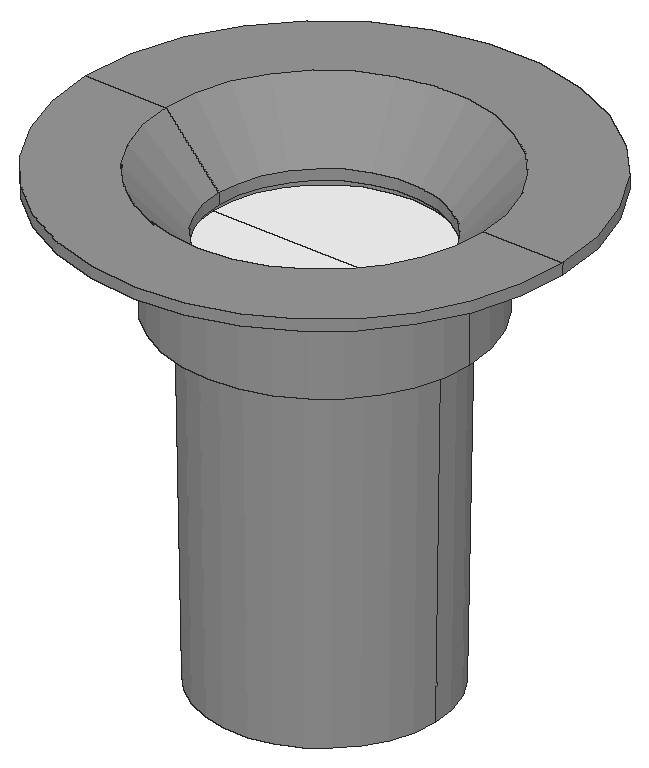
Revit family "0005307", category Lighting Fixtures, host Face, Revit 2017
Family settings
  Host = Face
  Round Connector Dimension = Use Diameter
  Part Type = Normal
  OmniClass Number = 23.80.70.00
  OmniClass Title = Lighting
  Cut with Voids When Loaded = No
  Light Source = No
  Shared = No
  Room Calculation Point = No
Parameters (values of type "0005307+0005301 Ludospot 50 Hous Rnd 90 Fixed IP44 WHT + Ludospot 50 950lm 930 NB DIM")
  Weight = "n/a"
  Wattage Comments = ""
  WarrantyStartDate [instance] = "n/a"
  WarrantyGuarantorParts = "n/a"
  WarrantyDurationUnit = "n/a"
  WarrantyDurationParts = "n/a"
  WarrantyDescription = "n/a"
  WallThickness_SYL = 2 mm
  Voltage = 0 V
  VerticalRotationMid_SYL [instance] = 112.00°
  URL = "http://www.sylvania-lighting.com"
  TypeName = "Ludospot 50 Hous Rnd 90 Fixed IP44 WHT + Ludospot 50 950lm 930 NB DIM"
  TypeLamp_SYL = Ludospot 50 Modules : 0005301 Ludospot 50 950lm 930 NB DIM
  Type Image = <None>
  Type Comments = "n/a"
  TrimWidth_SYL = 90 mm
  TrimHeight_SYL = 2 mm
  SerialNumber [instance] = "n/a"
  RecessWidth_SYL = 35 mm
  RecessDepth_SYL = 100 mm
  Material_3_SYL = none
  PowerFactor = 0.9
  PowerConsumption = "12 W"
  NominalLength = 90 mm
  NominalHeight = 0 mm
  NominalDepth = 90 mm
  Name = "Ludospot 50 Hous Rnd 90 Fixed IP44 WHT + Ludospot 50 950lm 930 NB DIM"
  ModelReference = Name  # "Ludospot 50 Hous Rnd 90 Fixed IP44 WHT + Ludospot 50 950lm 930 NB DIM"
  ModelNumber = "0005307+0005301"
  Model = Name  # "Ludospot 50 Hous Rnd 90 Fixed IP44 WHT + Ludospot 50 950lm 930 NB DIM"
  Material = "aluminium housing"
  ManufacturerName = "Feilo Sylvania"
  Manufacturer = "Feilo Sylvania"
  LuminousEfficacy = "80 lm/W"
  LuminaireType = ""
  LightOutputRatio = "n/a"
  LampsType = Lamp  # "LED"
  LampNominalLuminous = "950 lm"
  LampMacAdamStep = "3"
  LampColourTemperature = "3000 K"
  LampColourRenderingIndex = "90"
  Lamp = "LED"
  Keynote = "16500"
  InstallationDate [instance] = "n/a"
  InputVoltage = "220-240 V AC"
  InputNominalFrequency = "50/60 HZ"
  IngressProtection = "IP44/20"
  ImpactProtectionIndex = "IK03"
  IfcExportType = "IfcLightFixtureType"
  IfcExportAs = "IfcLightFixtureType"
  HorizontalRotationMid_SYL [instance] = 315.00°
  HoleDist_SYL = 220 mm
  EndAngleMid_SYL [instance] = HorizontalRotationMid_SYL + 180.00°  # 495.00°
  ElectricShockClassification = "Class II"
  DocumentationLiterature = "http://www.sylvania-lighting.com/product/en-int/products/0005307"
  DimmingControlOptions = "n/a"
  Material_2_SYL = none
  Description = ""
  Default Elevation = 1219.2 mm
  CreatedOn = "7/29/2019"
  CreatedBy = "@sylvania-lighting.com"
  Cost = 0
  built-in parameter 1114216 [instance] = (empty or 0)
  ClassificationValue = "EF_70_80"
  ClassificationName = "Uniclass2015"
  Material_1_SYL = PC/ABS Plastic
  CircularCutOutDia_SYL = 38.5 mm
  BarCode [instance] = "n/a"
  AssetType = "Fixed"
  AssetIdentifier [instance] = "n/a"
  Assembly Code = "D5020200"
  Apparent Load = 0 VA
  Material_4_SYL = none
Types (6, lengths in mm): name | TypeName | TypeLamp_SYL | Name | ModelReference | ModelNumber | Model | LuminousEfficacy | LampNominalLuminous | LampColourTemperature
  0005307+0005301 Ludospot 50 Hous Rnd 90 Fixed IP44 WHT + Ludospot 50 950lm 930 NB DIM | "Ludospot 50 Hous Rnd 90 Fixed IP44 WHT + Ludospot 50 950lm 930 NB DIM" | Ludospot 50 Modules : 0005301 Ludospot 50 950lm 930 NB DIM | "Ludospot 50 Hous Rnd 90 Fixed IP44 WHT + Ludospot 50 950lm 930 NB DIM" | "Ludospot 50 Hous Rnd 90 Fixed IP44 WHT + Ludospot 50 950lm 930 NB DIM" | "0005307+0005301" | "Ludospot 50 Hous Rnd 90 Fixed IP44 WHT + Ludospot 50 950lm 930 NB DIM" | "80 lm/W" | "950 lm" | "3000 K"
  0005307+0005302 Ludospot 50 Hous Rnd 90 Fixed IP44 WHT + Ludospot 50 990lm 940 NB DIM | "Ludospot 50 Hous Rnd 90 Fixed IP44 WHT + Ludospot 50 990lm 940 NB DIM" | Ludospot 50 Modules : 0005302 Ludospot 50 990lm 930 NB DIM | "Ludospot 50 Hous Rnd 90 Fixed IP44 WHT + Ludospot 50 990lm 940 NB DIM" | "Ludospot 50 Hous Rnd 90 Fixed IP44 WHT + Ludospot 50 990lm 940 NB DIM" | "0005307+0005302" | "Ludospot 50 Hous Rnd 90 Fixed IP44 WHT + Ludospot 50 990lm 940 NB DIM" | "83 lm/W" | "990 lm" | "4000 K"
  0005307+0005303 Ludospot 50 Hous Rnd 90 Fixed IP44 WHT + Ludospot 50 950lm 930 MB DIM | "Ludospot 50 Hous Rnd 90 Fixed IP44 WHT + Ludospot 50 950lm 930 MB DIM" | Ludospot 50 Modules : 0005303 Ludospot 50 950lm 930 MB DIM | "Ludospot 50 Hous Rnd 90 Fixed IP44 WHT + Ludospot 50 950lm 930 MB DIM" | "Ludospot 50 Hous Rnd 90 Fixed IP44 WHT + Ludospot 50 950lm 930 MB DIM" | "0005307+0005303" | "Ludospot 50 Hous Rnd 90 Fixed IP44 WHT + Ludospot 50 950lm 930 MB DIM" | "80 lm/W" | "1000 lm" | "3000 K"
  0005307+0005304 Ludospot 50 Hous Rnd 90 Fixed IP44 WHT + Ludospot 50 1000lm 940 MB DIM | "Ludospot 50 Hous Rnd 90 Fixed IP44 WHT + Ludospot 50 1000lm 940 MB DIM" | Ludospot 50 Modules : 0005304 Ludospot 50 1000lm 940 MB DIM | "Ludospot 50 Hous Rnd 90 Fixed IP44 WHT + Ludospot 50 1000lm 940 MB DIM" | "Ludospot 50 Hous Rnd 90 Fixed IP44 WHT + Ludospot 50 1000lm 940 MB DIM" | "0005307+0005304" | "Ludospot 50 Hous Rnd 90 Fixed IP44 WHT + Ludospot 50 1000lm 940 MB DIM" | "83 lm/W" | "950 lm" | "4000 K"
  0005307+0005305 Ludospot 50 Hous Rnd 90 Fixed IP44 WHT + Ludospot 50 920lm 930 WB DIM | "Ludospot 50 Hous Rnd 90 Fixed IP44 WHT + Ludospot 50 920lm 930 WB DIM" | Ludospot 50 Modules : 0005305 Ludospot 50 920lm 940 WB DIM | "Ludospot 50 Hous Rnd 90 Fixed IP44 WHT + Ludospot 50 920lm 930 WB DIM" | "Ludospot 50 Hous Rnd 90 Fixed IP44 WHT + Ludospot 50 920lm 930 WB DIM" | "0005307+0005305" | "Ludospot 50 Hous Rnd 90 Fixed IP44 WHT + Ludospot 50 920lm 930 WB DIM" | "77 lm/W" | "920 lm" | "3000 K"
  0005307+0005306 Ludospot 50 Hous Rnd 90 Fixed IP44 WHT + Ludospot 50 940lm 940 WB DIM | "Ludospot 50 Hous Rnd 90 Fixed IP44 WHT + Ludospot 50 940lm 940 WB DIM" | Ludospot 50 Modules : 0005306 Ludospot 50 940lm 940 WB DIM | "Ludospot 50 Hous Rnd 90 Fixed IP44 WHT + Ludospot 50 940lm 940 WB DIM" | "Ludospot 50 Hous Rnd 90 Fixed IP44 WHT + Ludospot 50 940lm 940 WB DIM" | "0005307+0005306" | "Ludospot 50 Hous Rnd 90 Fixed IP44 WHT + Ludospot 50 940lm 940 WB DIM" | "78 lm/W" | "940 lm" | "4000 K"
Reference planes
  plane 1 "Center (Front/Back)": y = 0
  plane 2: z = 0
  plane 3 "Center (Left/Right)": x = 0
  plane 4: z = -100
  plane 5: z = 2
  plane 6: x = -45
  plane 7: x = 45
  plane 8: y = 45
  plane 9: y = -45
  plane 10: x = -20
  plane 11: x = -30
  plane 12: z = -9
  plane 13: z = -11
  plane 14: x = -30.5
  plane 15: x = -27.5
  plane 16: x = -24.5
  plane 17: z = -21.3
  plane 18: x = -31.5
  plane 19: z = -3
Forms (mm)
  Extrusion 1, void
    sketch origin (0, 0, 0) x (1, 0, 0) y (0, 1, 0)
      loop
        circle (0, 0) r 35
    from 0 to -100
  Revolve 2, solid, material "PC/ABS Plastic" <- "Material_1_SYL"
    sketch origin (0, 0, 0) x (1, 0, 0) y (0, 0, 1)
      loop
        line (-30, 2) -> (-45, 2) -> (-45, 0) -> (-30.5, 0) -> (-27.5, -3) -> (-27.5, -21.3) -> (-24.5, -21.3) -> (-24.5, -11) -> (-20, -11) -> (-20, -9) -> (-30, 2)
      axis (0, 2) -> (0, -21.3)
    angle from 360 to 0
Lines and regions (mm)
  reference lines
    curve 1: circle (0, 0, 0) r 35 normal (0, 0, -1)
Dimensions and locks
  "RecessDepth_SYL": plane 2 to plane 4
  "TrimHeight_SYL": plane 5 to plane 2
  equal spacing: host sketch curve, plane 1 "Center (Front/Back)", host sketch curve
  equal spacing: host sketch curve, plane 3 "Center (Left/Right)", host sketch curve
  equal spacing: plane 6, plane 3 "Center (Left/Right)", plane 7
  "TrimWidth_SYL": plane 6 to plane 7
  equal spacing: plane 9, plane 1 "Center (Front/Back)", plane 8
  "TrimWidth_SYL": plane 9 to plane 8
  locked: plane 5 to plane 12 at 11
  locked: plane 12 to plane 13 at 2
  plane 3 "Center (Left/Right)" to plane 14 = 30.5 mm
  locked: plane 3 "Center (Left/Right)" to plane 15 at 27.5
  locked: plane 3 "Center (Left/Right)" to plane 16 at 24.5
  locked: plane 2 to plane 17 at 21.3
  locked: plane 14 to plane 18 at 1
  locked: plane 2 to plane 19 at 3
  "RecessWidth_SYL": radius of curve 1
  aligned and locked: plane 2 to host face
  aligned and locked: level to host face
  aligned and locked: level to Extrusion 1
  aligned and locked: plane 4 to Extrusion 1
  aligned and locked: plane 2 to Extrusion 1
  aligned and locked: plane 3 "Center (Left/Right)" to curve 1
  aligned and locked: plane 1 "Center (Front/Back)" to curve 1
  aligned and locked: Extrusion 1 sketch curve to curve 1
  aligned and locked: Revolve 2 sketch curve to plane 3 "Center (Left/Right)"
  aligned and locked: Revolve 2 sketch curve to plane 10
  aligned and locked: Revolve 2 sketch curve to plane 13
  aligned and locked: Revolve 2 sketch curve to plane 16
  aligned and locked: Revolve 2 sketch curve to plane 17
  aligned and locked: plane 15 to Revolve 2 sketch curve
  aligned and locked: level to Revolve 2 sketch curve
  aligned and locked: plane 5 to Revolve 2 sketch curve
  aligned and locked: nested 1 to plane 1 "Center (Front/Back)"
  aligned and locked: nested 1 to plane 3 "Center (Left/Right)"
  aligned and locked: plane 6 to Revolve 2 sketch curve
Automatic sketch dimensions
  Revolve 2 sketch curve to plane 14 = 0 mm
  Revolve 2 sketch curve to plane 11 = 0 mm
  Revolve 2 sketch curve to plane 15 = 0 mm
  Revolve 2 sketch curve to plane 12 = 0 mm
  Revolve 2 sketch curve to plane 19 = 0 mm
  plane 4 to Revolve 2 sketch curve = 509.6 mm
  Revolve 2 sketch curve to plane 5 = 2607.058 mm
Nested families
  nested 1: "Ludospot 50 Modules" at (0, 0, -11) x (-1, 0, 0) z (0, 0, 1), type <- "TypeLamp_SYL", type "0005301 Ludospot 50 950lm 930 NB DIM"
    with WarrantyStartDate "n/a", SerialNumber "n/a", InstallationDate "n/a", built-in parameter 1114216 (empty or 0), BarCode "n/a", AssetIdentifier "n/a"
Definition of nested family "Ludospot 50 Modules"
  Parameters (values of type "0005305 Ludospot 50 920lm 940 WB DIM")
    Weight = ""
    Wattage Comments = ""
    Wattage = 12 W
    WarrantyStartDate [instance] = "n/a"
    WarrantyGuarantorParts = "n/a"
    WarrantyDurationUnit = "n/a"
    WarrantyDurationParts = "n/a"
    WarrantyDescription = "n/a"
    built-in parameter 1150110 = 1 (stored number, unit not read)
    Voltage = 220 V
    URL = "http://www.sylvania-lighting.com"
    TypeName = "Ludospot 50 920lm 940 WB DIM"
    Type Image = (empty or 0)
    Type Comments = "n/a"
    built-in parameter 1114217 = 1 (stored number, unit not read)
    Tilt Angle = -90.00°
    built-in parameter 1150109 = 1 (stored number, unit not read)
    built-in parameter 1150134 = (empty or 0)
    built-in parameter 1150113 = 1 (stored number, unit not read)
    SerialNumber [instance] = "n/a"
    Photometric Web File = "0005305.ies"
    Material_3_SYL = none
    PowerFactor = 0.9
    PowerConsumption = "12 W"
    NominalLength = 50 mm
    NominalHeight = 73 mm
    NominalDepth = 50 mm
    Name = "0005305 Ludospot 50 920lm 940 WB DIM"
    ModelReference = Name  # "0005305 Ludospot 50 920lm 940 WB DIM"
    ModelNumber = "0005305"
    Model = Name  # "0005305 Ludospot 50 920lm 940 WB DIM"
    Material = "aluminium housing"
    ManufacturerName = "Feilo Sylvania"
    Manufacturer = "Feilo Sylvania"
    LuminousEfficacy = "77 lm/W"
    built-in parameter 1150105 = 73.53 (stored number, unit not read)
    Lumens = 924 lm
    LuminaireType = ""
    built-in parameter 1150115 = 1 (stored number, unit not read)
    LightOutputRatio = ""
    built-in parameter 1150137 = (empty or 0)
    built-in parameter 1150139 = (empty or 0)
    LampsType = Lamp  # "LED"
    LampNominalLuminous = "920 lm"
    LampMacAdamStep = "3"
    LampColourTemperature = "3000 K"
    LampColourRenderingIndex = "90"
    built-in parameter 1150112 = 1 (stored number, unit not read)
    built-in parameter 1150114 = 1 (stored number, unit not read)
    Lamp = "LED"
    Keynote = "16500"
    InstallationDate [instance] = "n/a"
    InputVoltage = "220-240 V AC"
    InputNominalFrequency = "50/60 HZ"
    built-in parameter 1150132 = (empty or 0)
    built-in parameter 1150102 = (empty or 0)
    built-in parameter 1150107 = 3000 (stored number, unit not read)
    built-in parameter 1150138 = (empty or 0)
    IngressProtection = "IP44/20"
    ImpactProtectionIndex = "IK07"
    built-in parameter 1150106 = 0.7353 (stored number, unit not read)
    IfcExportType = "IfcLightFixtureType"
    IfcExportAs = "IfcLightFixtureType"
    Emit from Circle Diameter = 40 mm
    Emit Shape Visible in Rendering = no
    ElectricShockClassification = "Class II"
    built-in parameter 1150104 = 7.1535 (stored number, unit not read)
    DocumentationLiterature = "https://www.sylvania-lighting.com/product/en-int/products/0005305/"
    DimmingControlOptions = "Mains: leading / trailing edge"
    Material_2_SYL = none
    Dimming Lamp Color Temperature Shift = (empty or 0)
    Description = ""
    Default Elevation = 1219.2 mm
    CreatedOn = ""
    CreatedBy = ""
    Cost = 0
    Color Filter = 16777215
    built-in parameter 1114216 [instance] = (empty or 0)
    ClassificationValue = "EF_70_80"
    ClassificationName = "Uniclass2015"
    Material_1_SYL = none
    BarCode [instance] = "n/a"
    built-in parameter 1114218 = 1 (stored number, unit not read)
    built-in parameter 1150133 = 10 (stored number, unit not read)
    AssetType = ""
    AssetIdentifier [instance] = "n/a"
    Assembly Code = "D5020200"
    Apparent Load = 12 VA
    Material_4_SYL = none
  Types (6, lengths in mm): name | TypeName | built-in parameter 1150134 | Photometric Web File | Name | ModelReference | ModelNumber | Model | LuminousEfficacy | built-in parameter 1150105 | Lumens | LampNominalLuminous | LampColourTemperature | built-in parameter 1150107 | ImpactProtectionIndex | built-in parameter 1150106 | built-in parameter 1150104 | DocumentationLiterature
    0005305 Ludospot 50 920lm 940 WB DIM | "Ludospot 50 920lm 940 WB DIM" | (empty or 0) | "0005305.ies" | "0005305 Ludospot 50 920lm 940 WB DIM" | "0005305 Ludospot 50 920lm 940 WB DIM" | "0005305" | "0005305 Ludospot 50 920lm 940 WB DIM" | "77 lm/W" | 73.53 (stored number, unit not read) | 924 lm | "920 lm" | "3000 K" | 3000 (stored number, unit not read) | "IK07" | 0.7353 (stored number, unit not read) | 7.1535 (stored number, unit not read) | "https://www.sylvania-lighting.com/product/en-int/products/0005305/"
    0005304 Ludospot 50 1000lm 940 MB DIM | "Ludospot 50 1000lm 940 MB DIM" | 12 | "0005304.ies" | "0005304 Ludospot 50 1000lm 940 MB DIM" | "0005304 Ludospot 50 1000lm 940 MB DIM" | "0005304" | "0005304 Ludospot 50 1000lm 940 MB DIM" | "83 lm/W" | 79.259 (stored number, unit not read) | 996 lm | "950 lm" | "4000 K" | 4000 (stored number, unit not read) | "IK06" | 0.79259 (stored number, unit not read) | 7.711 (stored number, unit not read) | "https://www.sylvania-lighting.com/product/en-int/products/0005304/"
    0005303 Ludospot 50 950lm 930 MB DIM | "Ludospot 50 950lm 930 MB DIM" | (empty or 0) | "0005303.ies" | "0005303 Ludospot 50 950lm 930 MB DIM" | "0005303 Ludospot 50 950lm 930 MB DIM" | "0005303" | "0005303 Ludospot 50 950lm 930 MB DIM" | "80 lm/W" | 76.394 (stored number, unit not read) | 960 lm | "1000 lm" | "3000 K" | 3000 (stored number, unit not read) | "IK05" | 0.76394 (stored number, unit not read) | 7.4322 (stored number, unit not read) | "https://www.sylvania-lighting.com/product/en-int/products/0005303/"
    0005302 Ludospot 50 990lm 930 NB DIM | "Ludospot 50 990lm 930 NB DIM" | 12 | "0005302.ies" | "0005302 Ludospot 50 990lm 930 NB DIM" | "0005302 Ludospot 50 990lm 930 NB DIM" | "0005302" | "0005302 Ludospot 50 990lm 930 NB DIM" | "83 lm/W" | 79.259 (stored number, unit not read) | 996 lm | "990 lm" | "4000 K" | 4000 (stored number, unit not read) | "IK04" | 0.79259 (stored number, unit not read) | 7.711 (stored number, unit not read) | "https://www.sylvania-lighting.com/product/en-int/products/0005302/"
    0005301 Ludospot 50 950lm 930 NB DIM | "Ludospot 50 950lm 930 NB DIM" | (empty or 0) | "0005301.ies" | "0005301 Ludospot 50 950lm 930 NB DIM" | "0005301 Ludospot 50 950lm 930 NB DIM" | "0005301" | "0005301 Ludospot 50 950lm 930 NB DIM" | "80 lm/W" | 76.394 (stored number, unit not read) | 960 lm | "950 lm" | "3000 K" | 3000 (stored number, unit not read) | "IK03" | 0.76394 (stored number, unit not read) | 7.4322 (stored number, unit not read) | "https://www.sylvania-lighting.com/product/en-int/products/0005301/"
    0005306 Ludospot 50 940lm 940 WB DIM | "Ludospot 50 940lm 940 WB DIM" | 12 | "0005306.ies" | "0005306 Ludospot 50 940lm 940 WB DIM" | "0005306 Ludospot 50 940lm 940 WB DIM" | "0005306" | "0005306 Ludospot 50 940lm 940 WB DIM" | "78 lm/W" | 74.485 (stored number, unit not read) | 936 lm | "940 lm" | "4000 K" | 4000 (stored number, unit not read) | "IK08" | 0.74485 (stored number, unit not read) | 7.2464 (stored number, unit not read) | "https://www.sylvania-lighting.com/product/en-int/products/0005306/"
  Reference planes
    plane 1 "Center (Front/Back)": y = 0
    plane 2: z = 0
    plane 3 "Center (Left/Right)": x = 0
    plane 4: x = -25
    plane 5: z = -2.7
    plane 6: x = -23.6
    plane 7: z = -3.7
    plane 8: z = -12.7
    plane 9: z = -25.7
    plane 10: x = -22
    plane 11: z = -73
    plane 12: x = -21
    plane 13: z = -1.3
  Forms (mm)
    Extrusion 1, solid
      sketch origin (4.2, 0, 0) x (1, 0, 0) y (0, 1, 0)
        loop
          line (-1219.2, 1219.2) -> (-1219.2, -1219.2) -> (1219.2, -1219.2) -> (1219.2, 1219.2) -> (-1219.2, 1219.2)
      from 0 to -68.017
    Revolve 2, solid, material <- "Material_1_SYL"
      sketch origin (0, 0, 0) x (1, 0, 0) y (0, 0, 1)
        loop
          line (-25, 0) -> (-25, -2.7) -> (-23.6, -2.7) -> (-23.6, -3.7) -> (-22, -12.7) -> (-21, -73) -> (0, -73) -> (0, -1.3) -> (-21, -1.3) -> (-21, 0) -> (-25, 0)
        axis (0, 0) -> (0, -73)
      angle from 360 to 0
  Dimensions and locks
    locked: plane 3 "Center (Left/Right)" to plane 4 at 25
    locked: plane 3 "Center (Left/Right)" to plane 6 at 23.6
    locked: plane 7 to plane 8 at 9
    locked: plane 3 "Center (Left/Right)" to plane 10 at 22
    locked: plane 2 to plane 11 at 73
    locked: plane 3 "Center (Left/Right)" to plane 12 at 21
    plane 2 to plane 13 to plane 5 to plane 7 = 1.3 mm locked, 1.4 mm locked, 1 mm locked
    aligned and locked: plane 2 to Extrusion 1
    aligned and locked: level to Extrusion 1
    aligned and locked: Revolve 2 sketch curve to plane 4
    aligned and locked: plane 5 to Revolve 2 sketch curve
    aligned and locked: Revolve 2 sketch curve to plane 6
    aligned and locked: plane 8 to Revolve 2 sketch curve
    aligned and locked: plane 12 to Revolve 2 sketch curve  (x2)
    aligned and locked: plane 11 to Revolve 2 sketch curve
    aligned and locked: plane 3 "Center (Left/Right)" to Revolve 2 sketch curve
    aligned and locked: Revolve 2 sketch curve to level
    aligned and locked: plane 13 to Revolve 2 sketch curve  (x2)
    aligned and locked: Revolve 2 sketch curve to plane 12
    aligned and locked: level to imposter light
    aligned and locked: plane 3 "Center (Left/Right)" to imposter light
    aligned and locked: imposter light to plane 1 "Center (Front/Back)"
  Connectors
    electrical at (0, 0, -73), driven by "PowerFactor", driven by "Voltage", driven by "Apparent Load"
      settings: on Revolve 2, index 1, voltage 220 V, apparent load 12 VA, apparent load phase1 0 VA, apparent load phase2 0 VA, apparent load phase3 0 VA, power factor 0.9, load classification none, number of poles 1, system type 30, power factor state 1, is connector primary yes, connector utility no, sub classification motor no, connector description ""
